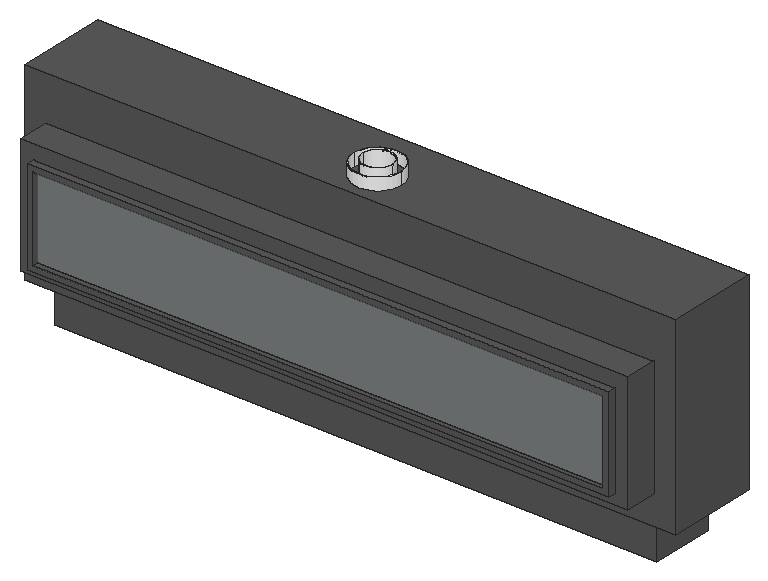
Revit family "R820", category Generic Models, Revit 2019
Family settings
  Can host rebar = No
  Round Connector Dimension = Use Diameter
  Part Type = Normal
  Work Plane-Based = No
  Always vertical = Yes
  Cut with Voids When Loaded = No
  Shared = No
  Room Calculation Point = No
Parameters
  Width = 12 5/16"
  URL = "https://www.montigo.com/"
  Model = ""
  Manufacturer Fax = ""
  Manufacturer Website = "https://www.montigo.com/"
  Manufacturer Phone - Toll Free = "800-378-3115"
  Manufacturer Phone = ""
  Manufacturer Address = "27342 Gloucester Way  Langley, BC, Canada   V4W 4A1"
  Manufacturer = "Montigo"
  Length = 53 7/16"
  Keynote = ""
  Glazing Tint = Glass - Montigo - Tint as Specified
  Frame Material = Metal - Montigo - Black
  Firebox Material = Metal - Montigo - White
  Fire Place Length = 50 5/16"
  Fire Place Height = 24 1/2"
  Fire Place - Opening = 16 9/16"
  Description = "Montigo Fireplace as Specified"
  Base Height = 6 9/16"
Reference planes (in)
  plane 1 "Center (Front/Back)": y = 0
  plane 2: z = 0
  plane 3 "Center (Left/Right)": x = 0
  plane 4: x = -54.341
  plane 5: x = 54.341
Forms (in)
  Extrusion 1, solid, material "Metal - Montigo - Black" <- "Frame Material"
    sketch origin (0, 0, 0) x (1, 0, 0) y (0, 1, 0)
      loop
        line (-54.341, 7.6685) -> (-54.341, -7.5755) -> (54.341, -7.5755) -> (54.341, 7.6685) -> (-54.341, 7.6685)
    from 38.0595 to 5.875
  Extrusion 2, solid, material "Metal - Montigo - Black" <- "Frame Material"
    sketch origin (0, 0, 0) x (1, 0, 0) y (0, 1, 0)
      loop
        line (-50.3557, 4.1695) -> (-50.3557, -6.40942) -> (50.3247, -6.40942) -> (50.3247, 4.1695) -> (-50.3557, 4.1695)
    from 5.875 to 0
  Extrusion 3, solid, material "Metal - Montigo - Black" <- "Frame Material"
    sketch origin (0, 0, 0) x (1, 0, 0) y (0, 1, 0)
      loop
        line (-50.776, -7.5755) -> (-50.776, -13.0105) -> (50.776, -13.0105) -> (50.776, -7.5755) -> (-50.776, -7.5755)
    from 30.622 to 10.843
  Extrusion 4, solid, material "Metal - Montigo - Black" <- "Frame Material"
    sketch origin (0, -5.435, 0) x (1, 0, 0) y (0, 1, 0)
      loop
        line (-48.518, -7.5755) -> (-48.518, -8.857) -> (48.519, -8.857) -> (48.519, -7.5755) -> (-48.518, -7.5755)
    from 28.27255 to 12.429
  Extrusion 5, void
    sketch origin (42.25, -6.4375, 0) x (-1, 0, 0) y (0, 0, -1)
      loop
        line (89.883, -13.344) -> (-5.383, -13.344) -> (-5.383, -27.358) -> (89.883, -27.358) -> (89.883, -13.344)
    from 7 to 12
Cuts and joins
  Extrusion 5 cuts Extrusion 1
  Extrusion 5 cuts Extrusion 3
  Extrusion 5 cuts Extrusion 4
Dimensions and locks (in)
  Extrusion 1 to Extrusion 1 to level = 32.1845", 5 7/8"
  Extrusion 1 to level = 38.0595"
  Extrusion 1 to Extrusion 1 = 108.68199"
  equal spacing: plane 4, plane 3 "Center (Left/Right)", plane 5
  plane 4 to plane 5 = 108.682"
  locked: plane 4 to cut or joined group of Extrusion 3, Extrusion 5 at 3.565
  locked: cut or joined group of Extrusion 3, Extrusion 5 to plane 5 at 3.565
  cut or joined group of Extrusion 4, Extrusion 5 to cut or joined group of Extrusion 3, Extrusion 5 = 2.257"
  locked: cut or joined group of Extrusion 3, Extrusion 5 to cut or joined group of Extrusion 4, Extrusion 5 at 2.258
  locked: cut or joined group of Extrusion 4, Extrusion 5 to cut or joined group of Extrusion 4, Extrusion 5 at 0.885
  locked: cut or joined group of Extrusion 4, Extrusion 5 to cut or joined group of Extrusion 4, Extrusion 5 at 0.886
  locked: plane 4 to Extrusion 2 at 3.9853
  locked: Extrusion 2 to plane 5 at 4.0163
  cut or joined group of Extrusion 1, Extrusion 5 to nested 1 = 9 1/2"
  nested 4 to level = 31 15/16"
  aligned and locked: level to plane 2
  aligned and locked: plane 3 "Center (Left/Right)" to nested 1
  aligned and locked: plane 3 "Center (Left/Right)" to nested 2
  aligned and locked: plane 3 "Center (Left/Right)" to nested 4
  aligned and locked: plane 3 "Center (Left/Right)" to nested 3
Automatic sketch dimensions
  Extrusion 1 sketch curve to plane 4 = 0"
  plane 5 to Extrusion 1 sketch curve = 0"
  plane 1 "Center (Front/Back)" to Extrusion 1 sketch curve = 7.5755"
  Extrusion 1 sketch curve to plane 1 "Center (Front/Back)" = 7.6685"
  plane 4 to Extrusion 2 sketch curve = 3.9853"
  plane 5 to Extrusion 2 sketch curve = 4.0163"
  plane 1 "Center (Front/Back)" to Extrusion 2 sketch curve = 6.40942"
  Extrusion 2 sketch curve to plane 1 "Center (Front/Back)" = 4.1695"
  plane 4 to Extrusion 3 sketch curve = 3.565"
  plane 5 to Extrusion 3 sketch curve = 3.565"
  plane 1 "Center (Front/Back)" to Extrusion 3 sketch curve = 13.0105"
  Extrusion 3 sketch curve to Extrusion 3 sketch curve = 5.435"
  plane 4 to Extrusion 4 sketch curve = 5.823"
  plane 5 to Extrusion 4 sketch curve = 5.822"
  plane 1 "Center (Front/Back)" to Extrusion 4 sketch curve = 14.292"
  Extrusion 4 sketch curve to Extrusion 4 sketch curve = 1.2815"
  plane 5 to Extrusion 5 sketch curve = 6.708"
  plane 4 to Extrusion 5 sketch curve = 6.708"
  level to Extrusion 5 sketch curve = 27.358"
  level to Extrusion 5 sketch curve = 13.344"
Nested families (in)
  nested 1: "Duct Dia" at (0, -1.8315, 38.0595), type "5""
    with Intake Duct Dia 5", Intake Diameter 4 7/8", Height 2 1/2"
  nested 2: "Duct Dia" at (0, -1.8315, 38.0595), type "8""
    with Intake Duct Dia 8", Intake Diameter 7 7/8", Height 2"
  nested 3: "Duct Dia" at (0, 7.6685, 31.9375) x (1, 0, 0) z (0, 1, 0), type "5""
    with Intake Duct Dia 5", Intake Diameter 4 7/8", Height 2 1/2"
  nested 4: "Duct Dia" at (0, 7.6685, 31.9375) x (1, 0, 0) z (0, 1, 0), type "8""
    with Intake Duct Dia 8", Intake Diameter 7 7/8", Height 2"
Connectors (in)
  hvac at (0, -1.8315, 40.5595)
    settings: on nested 1, index 1, duct flow 0.0 L/s, flow factor 0, pres drop 0.0 Pa, loss coef 0, conn angle 0.00°, conn width 304.8 mm, conn height 304.8 mm, conn diameter 127 mm, duct sys type 1, conn prof type 0, flow config 0, flow direction 0, loss method 0, conn ref index -1, conn util no, is conn primary yes, conn desc ""
  hvac at (0, -1.8315, 40.0595)
    settings: on nested 2, index 2, duct flow 0.0 L/s, flow factor 0, pres drop 0.0 Pa, loss coef 0, conn angle 0.00°, conn width 304.8 mm, conn height 304.8 mm, conn diameter 203.2 mm, duct sys type 1, conn prof type 0, flow config 0, flow direction 0, loss method 0, conn ref index -1, conn util no, is conn primary no, conn desc ""
  hvac at (0, 10.1685, 31.9375)
    settings: on nested 3, index 3, duct flow 0.0 L/s, flow factor 0, pres drop 0.0 Pa, loss coef 0, conn angle 0.00°, conn width 304.8 mm, conn height 304.8 mm, conn diameter 127 mm, duct sys type 1, conn prof type 0, flow config 0, flow direction 0, loss method 0, conn ref index -1, conn util no, is conn primary no, conn desc ""
  hvac at (0, 9.6685, 31.9375)
    settings: on nested 4, index 4, duct flow 0.0 L/s, flow factor 0, pres drop 0.0 Pa, loss coef 0, conn angle 0.00°, conn width 304.8 mm, conn height 304.8 mm, conn diameter 203.2 mm, duct sys type 1, conn prof type 0, flow config 0, flow direction 0, loss method 0, conn ref index -1, conn util no, is conn primary no, conn desc ""
Definition of nested family "Duct Dia"
  Parameters (values of type "15 7/8" Dia.")
    Intake Duct Dia = 15 7/8"
    Intake Diameter = Intake Duct Dia - 1/8"  # 15 3/4"
    Height = 4"
    Firebox Material = none
    Default Elevation = 48"
  Types (12): name | Intake Duct Dia | Intake Diameter | Height
    9 7/8" Dia. | 9 7/8" | 9 3/4" | 4"
    7 7/8" Dia | 7 7/8" | 7 3/4" | 4"
    8 1/8" Dia | 8 1/8" | 8" | 1/4"
    11 3/4" Dia | 11 3/4" | 11 5/8" | 4"
    4" Dia | 10" | 9 7/8" | 4"
    7 3/4" Dia | 7 3/4" | 7 5/8" | 4"
    6 7/8" Dia | 6 7/8" | 6 3/4" | 1/4"
    9 3/4" Dia. | 9 3/4" | 9 5/8" | 4"
    7 1/8" Dia | 7 1/8" | 7" | 1/4"
    11 7/8" Dia. | 11 7/8" | 11 3/4" | 4"
    13 7/8" Dia. | 13 7/8" | 13 3/4" | 4"
    15 7/8" Dia. | 15 7/8" | 15 3/4" | 4"
  Reference planes (in)
    plane 1 "Center (Front/Back)": y = 0
    plane 2: z = 0
    plane 3 "Center (Left/Right)": x = 0
    plane 4: z = 4
  Forms (in)
    Extrusion 1, solid
      sketch origin (0, 0, 0) x (1, 0, 0) y (0, 1, 0)
        loop
          line (-48, 48) -> (-48, -48) -> (48, -48) -> (48, 48) -> (-48, 48)
      from 0 to -12
    Extrusion 2, solid, material <- "Firebox Material"
      sketch origin (0, 0, 0) x (1, 0, 0) y (0, 1, 0)
        loop
          circle (0, 0) r 7.9375
        loop
          circle (0, 0) r 7.875
      from 0 to 4
  Dimensions and locks (in)
    "Height": plane 4 to level
    "Intake Duct Dia": diameter of Extrusion 2 sketch curve
    "Intake Diameter": diameter of Extrusion 2 sketch curve
    aligned and locked: plane 2 to Extrusion 1
    aligned and locked: level to Extrusion 1
    aligned and locked: plane 4 to Extrusion 2
  Automatic sketch dimensions
    Extrusion 1 sketch curve to Extrusion 1 sketch curve = 96"  (x2)
    Extrusion 2 sketch curve to Extrusion 2 sketch curve = 0"  (x2)
    plane 1 "Center (Front/Back)" to Extrusion 2 sketch curve = 0"
    Extrusion 2 sketch curve to plane 3 "Center (Left/Right)" = 0"
